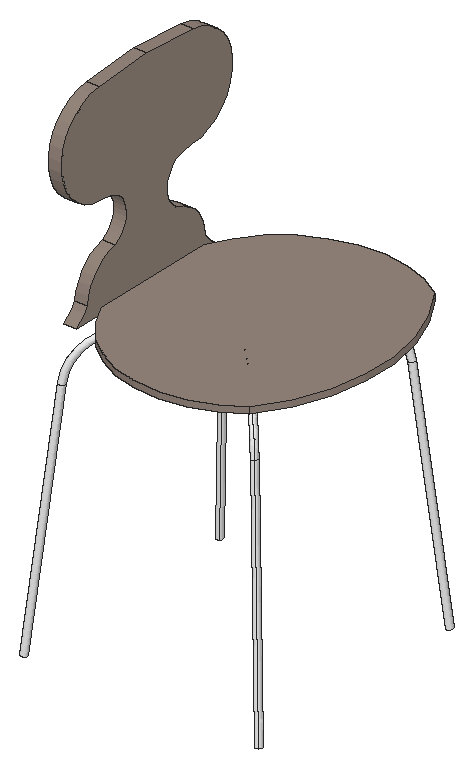
Revit family "Chair 3", category Furniture, Revit 2025
Family settings
  Work Plane-Based = No
  Enable Cutting in Views = No
  Always vertical = Yes
  Cut with Voids When Loaded = No
  Render Appearance Source = Family Geometry
  Shared = No
  Room Calculation Point = No
Parameters
  Keynote = "12600"
  Manufacturer = ""
  Default Elevation = 0 mm
  Bracket Material = Herman Miller - Finish 47 Trivalent Chrome
  Model = ""
  Cushion/Chair Back Material = Herman Miller - Veneer Z5 Maple
  BG_DIM_Width1 [instance] = 0 mm
  BG_DIM_Height1 [instance] = 0 mm
  BG_DIM_Depth1 [instance] = 0 mm
Reference planes
  plane 1 "Center F/B": y = -198.997
  plane 2: z = 0
  plane 3 "Center L/R": x = -1.022
Forms (mm)
  Sweep 1, solid, material "Herman Miller - Finish 47 Trivalent Chrome" <- "Bracket Material"
    path origin (61.052, -65.204, 45) x (0, 0, -1) y (0.707107, -0.707107, 0)
      loop
        line (45, -82.843) -> (-332.364, -36.508)
        arc (-332.364, -36.508) -> (-382.531, -10.114) -> (-402.615, 42.895) r 80
        line (-402.615, 42.895) -> (-402.615, 181.322)
    profile origin (18.855, -23.007, 188.682) x (-0.701836, 0.701836, 0.121869) y (-0.707107, -0.707107, 0)
      loop
        circle (0, 0) r 5
  Sweep 2, solid, material "Herman Miller - Finish 47 Trivalent Chrome" <- "Bracket Material"
    path origin (57.516, -325.168, 45) x (0, 0, -1) y (0.707107, 0.707107, 0)
      loop
        line (45, -82.843) -> (-332.364, -36.508)
        arc (-332.364, -36.508) -> (-382.531, -10.114) -> (-402.615, 42.895) r 80
        line (-402.615, 42.895) -> (-402.615, 181.322)
    profile origin (15.319, -367.364, 188.682) x (-0.701836, -0.701836, 0.121869) y (0.707107, -0.707107, 0)
      loop
        circle (0, 0) r 5
  Sweep 3, solid, material "Herman Miller - Finish 47 Trivalent Chrome" <- "Bracket Material"
    path origin (303.338, -65.204, 45) x (0, 0, -1) y (0.707107, 0.707107, 0)
      loop
        line (45, 82.843) -> (-332.364, 36.508)
        arc (-332.364, 36.508) -> (-382.531, 10.114) -> (-402.615, -42.895) r 80
        line (-402.615, -42.895) -> (-402.615, -181.322)
    profile origin (345.535, -23.007, 188.682) x (0.701836, 0.701836, 0.121869) y (-0.707107, 0.707107, 0)
      loop
        circle (0, 0) r 5
  Sweep 4, solid, material "Herman Miller - Finish 47 Trivalent Chrome" <- "Bracket Material"
    path origin (306.873, -325.168, 45) x (0, 0, -1) y (0.707107, -0.707107, 0)
      loop
        line (45, 82.843) -> (-332.364, 36.508)
        arc (-332.364, 36.508) -> (-382.531, 10.114) -> (-402.615, -42.895) r 80
        line (-402.615, -42.895) -> (-402.615, -181.322)
    profile origin (349.07, -367.364, 188.682) x (0.701836, -0.701836, 0.121869) y (0.707107, 0.707107, 0)
      loop
        circle (0, 0) r 5
  Extrusion 5, solid, material "Herman Miller - Veneer Z5 Maple" <- "Cushion/Chair Back Material"
    sketch origin (0, 0, 0) x (1, 0, 0) y (0, 1, 0)
      loop
        arc (340, -9.099) -> (152.776, 17.913) -> (32.728, -128.274) r 192.616
        line (32.728, -128.274) -> (32.728, -249.923)
        arc (32.728, -249.923) -> (152.776, -396.11) -> (340, -369.099) r 192.616
        arc (340, -369.099) -> (400.673, -189.099) -> (340, -9.099) r 297.34
    from 450 to 460
  Extrusion 6, solid, material "Herman Miller - Veneer Z5 Maple" <- "Cushion/Chair Back Material"
    sketch origin (390, -409.099, -27.081) x (0, 0, -1) y (0, 1, 0)
      loop
        arc (-498.809, 95.839) -> (-486.21, 86.065) -> (-477.081, 72.99) r 53.087
        line (-477.081, 72.99) -> (-477.081, 347.212)
        arc (-477.081, 347.212) -> (-486.21, 334.138) -> (-498.809, 324.364) r 53.087
        arc (-498.809, 324.364) -> (-539.073, 308.301) -> (-561.143, 270.989) r 67.175
        arc (-561.143, 270.989) -> (-601.737, 249.17) -> (-634.197, 281.887) r 38.521
        line (-634.197, 281.887) -> (-636.604, 298.938)
        arc (-636.604, 298.938) -> (-714.694, 376.726) -> (-796.127, 302.444) r 79.872
        line (-796.127, 302.444) -> (-802.584, 210.101) -> (-796.127, 117.759)
        arc (-796.127, 117.759) -> (-714.694, 43.477) -> (-636.604, 121.265) r 79.872
        line (-636.604, 121.265) -> (-634.197, 138.316)
        arc (-634.197, 138.316) -> (-601.737, 171.033) -> (-561.143, 149.213) r 38.521
        arc (-561.143, 149.213) -> (-539.073, 111.901) -> (-498.809, 95.839) r 67.175
    from -367.272 to -347.272
Dimensions and locks
  aligned and locked: plane 1 "Center F/B" to Extrusion 6
